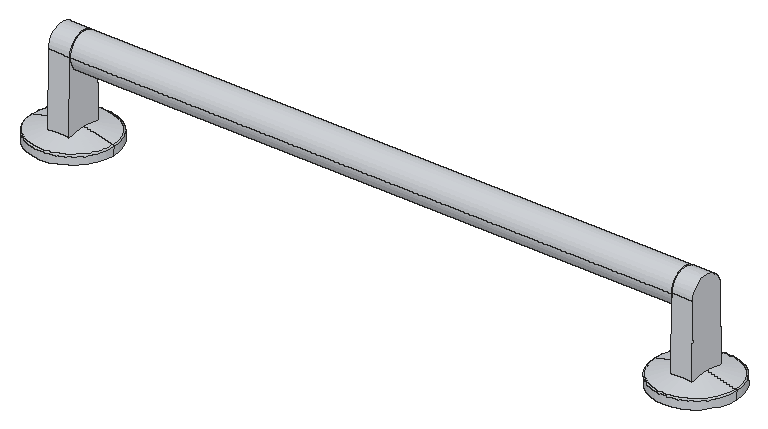
Revit family "Accessory-Towel_Bar-KOHLER-Components-K-78372", category Specialty Equipment, host Face, Revit 2015
Parameters (values of type "CP-Polished Chrome")
  Width = 2 3/8"  # constant formula
  URL = "https://www.us.kohler.com/us/"
  Type = 1
  Product Page URL = "http://www.us.kohler.com/us/catalog/productDetails.jsp?productNumber=78372"
  Product Name = "Components"  # constant formula
  Product Documentation Link = "http://www.us.kohler.com/onlinecatalog/pdf/K-78372_spec.pdf"
  Model = if(Type = 1, "K-78372-CP", if(Type = 2, "K-78372-BN", if(Type = 3, "K-78372-BL", if(Type = 4, "K-78372-TT", "NA"))))  # "K-78372-CP"
  Material = "Premium Metal Construction"  # constant formula
  MasterFormat 2004 = "10.28.13"  # constant formula
  MasterFormat 1995 = "10820"  # constant formula
  Manufacturer Address = "444 Highland Dr, Kohler, WI 53044"  # constant formula
  Manufacturer = "KOHLER Co."  # constant formula
  Length = 18"  # constant formula
  Height = 2 15/16"  # constant formula
  Finish = Kohler-Metal-CP-Polished_Chrome
  Environmental Product Declaration = ""
  Description = "18inch Towel Bar"  # constant formula
  Default Elevation = 42"
  Declare Label = ""
  Date Modified = "07/06/2018"  # constant formula
  Date Created = "07/06/2018"  # constant formula
  Copyright = "Copyright KOHLER Co."  # constant formula
  Contact Us = "https://www.us.kohler.com/us/static/contact.jsp"
  Assembly Code = "C1030200"
  ADA Compliant = 1 = 0  # no
Types (4): name | Type | Model | Finish
  (no name) | 1 | "K-78372-CP" | Kohler-Metal-CP-Polished_Chrome
  CP-Polished Chrome | 1 | "K-78372-CP" | Kohler-Metal-CP-Polished_Chrome
  BL-Matte Black | 3 | "K-78372-BL" | Kohler-Metal-BL-Matte_Black
  TT-Titanium | 4 | "K-78372-TT" | Kohler-Metal-TT-Vibrant_Titanium
Reference planes (in)
  plane 1 "Center (Front/Back)": y = 0
  plane 2: z = 0
  plane 3 "Center (Left/Right)": x = 0
  plane 4: x = -9
  plane 5: x = 9
  plane 6: y = 1.1875
  plane 7: y = -1.1875
  plane 8: z = 2.9375
Dimensions and locks (in)
  "Length": plane 4 to plane 5
  "Width": plane 6 to plane 7
  "Height": plane 8 to level
  aligned and locked: plane 2 to host face
  aligned and locked: level to host face
Automatic sketch dimensions
  host sketch curve to host sketch curve = 96"  (x2)
Nested families (in)
  nested 1: "K-78372" at (0, 0, 0), type "K-78372"
Definition of nested family "K-78372"
  Parameters (values of type "K-78372")
    Material = none
    Length = 18"
  Reference planes (in)
    plane 1 "Center (Front/Back)": y = 0
    plane 2: z = 0
    plane 3 "Center (Left/Right)": x = 0
    plane 4: x = -9
    plane 5: x = 9
    plane 6: y = 1.1875
    plane 7: z = 2.9375
    plane 8: y = -1.1875
  Forms (in)
    Revolve 1, solid, material <- "Material", detail levels medium+fine
      sketch origin (0, 0, 0) x (1, 0, 0) y (0, 0, 1)
        loop
          line (-10.1875, 0) -> (-9, 0) -> (-9, 0.54137) -> (-10.15723, 0.26168)
          arc (-10.15723, 0.26168) -> (-10.17902, 0.24769) -> (-10.1875, 0.22322) r 0.03957
          line (-10.1875, 0.22322) -> (-10.1875, 0)
        axis (-9, 0.54137) -> (-9, 0)
      angle from 0 to 360
    Revolve 2, solid, material <- "Material", detail levels medium+fine
      sketch origin (0, 0, 0) x (-1, 0, 0) y (0, 0, 1)
        loop
          line (-10.1875, 0) -> (-9, 0) -> (-9, 0.54137) -> (-10.15723, 0.26168)
          arc (-10.15723, 0.26168) -> (-10.17902, 0.24769) -> (-10.1875, 0.22322) r 0.03957
          line (-10.1875, 0.22322) -> (-10.1875, 0)
        axis (-9, 0.54137) -> (-9, 0)
      angle from 0 to 360
    Extrusion 3, solid, material <- "Material"
      sketch origin (0, 0, 0) x (0, 1, 0) y (0, 0, 1)
        loop
          arc (0.49314, 2.45313) -> (0, 2.93774) -> (-0.49314, 2.45313) r 0.49321
          line (-0.49314, 2.45313) -> (-0.53038, 0.31966) -> (0.53038, 0.31966) -> (0.49314, 2.45313)
      from 8.69094 to 9.30906
    Extrusion 4, solid, material <- "Material"
      sketch origin (0, 0, 0) x (0, 1, 0) y (0, 0, -1)
        loop
          line (0.49314, -2.45313) -> (0.53038, -0.31966) -> (-0.53038, -0.31966) -> (-0.49314, -2.45313)
          arc (-0.49314, -2.45313) -> (0, -2.93774) -> (0.49314, -2.45313) r 0.49321
      from 8.69094 to 9.30906
    Extrusion 5, solid, material <- "Material"
      sketch origin (0, 0, 0) x (0, 1, 0) y (0, 0, 1)
        loop
          circle (0, 2.44452) r 0.49321
      from -8.69094 to 8.69094
    Extrusion 6, solid, material <- "Material", detail levels coarse
      sketch origin (0, 0, 0) x (1, 0, 0) y (0, 1, 0)
        loop
          circle (-9, 0) r 1.1875
        loop
          circle (9, 0) r 1.1875
      from 0 to 0.44658
  Cuts and joins
    joined: Revolve 1, Revolve 2
    joined: Extrusion 3, Extrusion 4
  Lines and regions (in)
    Masking region 1
      outline origin (0, 0, 0) x (0, 1, 0) y (0, 0, 1)
        loop
          line (0.52873, 0.41382) -> (0.49313, 2.4538)
          arc (0.49313, 2.4538) -> (0, 2.93839) -> (-0.49313, 2.4538) r 0.4932
          line (-0.49313, 2.4538) -> (-0.52873, 0.41382) -> (-1.15899, 0.26168)
          arc (-1.15899, 0.26168) -> (-1.17952, 0.24851) -> (-1.1875, 0.22546) r 0.03726
          line (-1.1875, 0.22546) -> (-1.1875, 0) -> (1.1875, 0) -> (1.1875, 0.22546)
          arc (1.1875, 0.22546) -> (1.17952, 0.24851) -> (1.15899, 0.26168) r 0.03726
          line (1.15899, 0.26168) -> (0.52873, 0.41382)
    Masking region 2
      outline origin (0, 0, 0) x (1, 0, 0) y (0, 0, 1)
        loop
          line (-10.1875, 0) -> (-7.8125, 0) -> (-7.8125, 0.22322)
          arc (-7.8125, 0.22322) -> (-7.82098, 0.24769) -> (-7.84277, 0.26168) r 0.03957
          line (-7.84277, 0.26168) -> (-8.69094, 0.46667) -> (-8.69094, 1.95131) -> (8.69094, 1.95131) -> (8.69094, 0.46667) -> (7.84277, 0.26168)
          arc (7.84277, 0.26168) -> (7.82098, 0.24769) -> (7.8125, 0.22322) r 0.03957
          line (7.8125, 0.22322) -> (7.8125, 0) -> (10.1875, 0) -> (10.1875, 0.22322)
          arc (10.1875, 0.22322) -> (10.17902, 0.24769) -> (10.15723, 0.26168) r 0.03957
          line (10.15723, 0.26168) -> (9.30906, 0.46667) -> (9.30906, 2.9375) -> (-9.30906, 2.9375) -> (-9.30906, 0.46667) -> (-10.15723, 0.26168)
          arc (-10.15723, 0.26168) -> (-10.17902, 0.24769) -> (-10.1875, 0.22322) r 0.03957
          line (-10.1875, 0.22322) -> (-10.1875, 0)
    Masking region 3
      outline origin (0, 0, 0) x (1, 0, 0) y (0, 1, 0)
        loop
          line (-7.91977, -0.49321) -> (7.91977, -0.49321)
          arc (7.91977, -0.49321) -> (10.1875, 0.00004) -> (7.91974, 0.49314) r 1.1875
          line (7.91974, 0.49314) -> (-7.91974, 0.49314)
          arc (-7.91974, 0.49314) -> (-10.1875, 0.00004) -> (-7.91977, -0.49321) r 1.1875
    symbolic lines, detail levels medium+fine
      curve 1: arc (0, 0, 0.46667) -> (0, 0.26632, 0.44279) -> (0, 0.52909, 0.39328) r 2.76424
      curve 2: line (0, 0.52909, 0.39328) -> (0, 0.5284, 0.43278)
      curve 3: line (0, -0.52909, 0.39328) -> (0, -0.5284, 0.43278)
      curve 4: arc (0, -0.52909, 0.39328) -> (0, -0.26632, 0.44279) -> (0, 0, 0.46667) r 2.76424
      curve 5: line (-8.69094, 0, 1.95131) -> (-8.69094, 0, 2.45313)
      curve 6: line (8.69094, 0, 1.95131) -> (8.69094, 0, 2.44452)
      curve 7: line (-9.30906, 0, 0.46667) -> (-8.69094, 0, 0.46667)
      curve 8: line (8.69094, 0, 0.46667) -> (9.30906, 0, 0.46667)
      curve 9: line (-9.30906, 0.53038, 0) -> (-9.30906, -0.53038, 0)
      curve 10: line (-8.69094, -0.53038, 0) -> (-8.69094, 0.53038, 0)
      curve 11: line (9.30906, -0.53038, 0) -> (9.30906, 0.53038, 0)
      curve 12: line (8.69094, 0.53038, 0) -> (8.69094, -0.53038, 0)
      curve 13: line (9.30906, 0.53038, 0) -> (8.69094, 0.53038, 0)
      curve 14: line (8.69094, -0.53038, 0) -> (9.30906, -0.53038, 0)
      curve 15: line (-9.30906, 0.53038, 0) -> (-8.69094, 0.53038, 0)
      curve 16: line (-8.69094, -0.53038, 0) -> (-9.30906, -0.53038, 0)
      curve 17: line (-7.91974, 0.49314, 0) -> (-8.69094, 0.49314, 0)
      curve 18: line (-7.91977, -0.49321, 0) -> (-8.69094, -0.49321, 0)
      curve 19: line (7.91974, 0.49314, 0) -> (8.69094, 0.49314, 0)
      curve 20: line (7.91977, -0.49321, 0) -> (8.69094, -0.49321, 0)
      curve 21: line (-8.30906, 0, 2.9375) -> (-8.30906, 0, 1.95131)
      curve 22: line (8.30906, 0, 1.95131) -> (8.30906, 0, 2.9375)
  Dimensions and locks (in)
    equal spacing: plane 4, plane 3 "Center (Left/Right)", plane 5
    "Length": plane 4 to plane 5
    locked: Revolve 1 sketch curve to plane 4 at 1.1875
    locked: Revolve 2 sketch curve to plane 5 at 1.1875
    equal spacing: Extrusion 3, plane 5, Extrusion 3
    equal spacing: Extrusion 4, plane 4, Extrusion 4
    plane 7 to level = 2 15/16"
    equal spacing: Masking region 2 sketch curve, plane 4, Masking region 2 sketch curve
    locked: Masking region 2 sketch curve to Masking region 2 sketch curve at 2.375  (x2)
    equal spacing: Masking region 2 sketch curve, plane 5, Masking region 2 sketch curve
    locked: cut or joined group of Extrusion 3, Extrusion 4 to cut or joined group of Extrusion 3, Extrusion 4 at 0.61811  (x2)
    locked: cut or joined group of Extrusion 3, Extrusion 4 to curve 21 at 1
    locked: cut or joined group of Extrusion 3, Extrusion 4 to curve 22 at 1
    aligned and locked: plane 2 to level
    aligned and locked: Revolve 1 sketch curve to plane 4
    aligned and locked: plane 4 to Revolve 1 sketch curve
    aligned and locked: plane 5 to Revolve 2 sketch curve
    aligned and locked: Revolve 2 sketch curve to plane 5
    aligned and locked: Extrusion 5 to Extrusion 4
    aligned and locked: Extrusion 5 to Extrusion 3
    aligned and locked: cut or joined group of Extrusion 3, Extrusion 4 to Masking region 2 sketch curve  (x4)
    aligned and locked: Masking region 2 sketch curve to cut or joined group of Extrusion 3, Extrusion 4  (x2)
    aligned and locked: Masking region 2 to curve 5
    aligned and locked: curve 6 to Masking region 2
    aligned and locked: curve 7 to Masking region 2
    aligned and locked: curve 8 to Masking region 2
    aligned and locked: Masking region 3 sketch curve to cut or joined group of Revolve 1, Revolve 2  (x2)
    aligned and locked: curve 9 to cut or joined group of Extrusion 3, Extrusion 4
    aligned and locked: curve 10 to cut or joined group of Extrusion 3, Extrusion 4
    aligned and locked: curve 11 to cut or joined group of Extrusion 3, Extrusion 4
    aligned and locked: curve 12 to cut or joined group of Extrusion 3, Extrusion 4
    aligned and locked: curve 13 to cut or joined group of Extrusion 3, Extrusion 4
    aligned and locked: curve 14 to cut or joined group of Extrusion 3, Extrusion 4
    aligned and locked: curve 15 to cut or joined group of Extrusion 3, Extrusion 4
    aligned and locked: curve 16 to cut or joined group of Extrusion 3, Extrusion 4
    aligned and locked: curve 17 to Masking region 3
    aligned and locked: curve 18 to Masking region 3
    aligned and locked: curve 19 to Masking region 3
    aligned and locked: curve 20 to Masking region 3
    aligned and locked: Extrusion 6 sketch curve to Masking region 3  (x2)
  Automatic sketch dimensions
    Extrusion 3 sketch curve to plane 1 "Center (Front/Back)" = 0"
    plane 1 "Center (Front/Back)" to Extrusion 3 sketch curve = 0.49314"
    plane 1 "Center (Front/Back)" to Extrusion 3 sketch curve = 0.53038"
    Extrusion 3 sketch curve to plane 7 = 31/64"
    Extrusion 3 sketch curve to plane 1 "Center (Front/Back)" = 0.49314"
    Extrusion 3 sketch curve to plane 1 "Center (Front/Back)" = 0.53038"
    Extrusion 3 sketch curve to plane 7 = 0.49298"
    level to Extrusion 3 sketch curve = 0.31966"
    Extrusion 4 sketch curve to plane 1 "Center (Front/Back)" = 0"
    plane 1 "Center (Front/Back)" to Extrusion 4 sketch curve = 0.49314"
    plane 1 "Center (Front/Back)" to Extrusion 4 sketch curve = 0.53038"
    Extrusion 4 sketch curve to plane 7 = 31/64"
    Extrusion 4 sketch curve to plane 1 "Center (Front/Back)" = 0.49314"
    Extrusion 4 sketch curve to plane 1 "Center (Front/Back)" = 0.53038"
    Extrusion 4 sketch curve to plane 7 = 0.49298"
    level to Extrusion 4 sketch curve = 0.31966"
    Masking region 1 sketch curve to level = 0"
    Masking region 1 sketch curve to plane 8 = 0"
    Masking region 1 sketch curve to plane 1 "Center (Front/Back)" = 0"
    Masking region 1 sketch curve to plane 6 = 0"
    Masking region 1 sketch curve to plane 8 = 0.02851"
    Masking region 1 sketch curve to Masking region 1 sketch curve = 0.00874"
    plane 1 "Center (Front/Back)" to Masking region 1 sketch curve = 0.52873"
    plane 1 "Center (Front/Back)" to Masking region 1 sketch curve = 0.49313"
    Masking region 1 sketch curve to plane 7 = 0.4837"
    Masking region 1 sketch curve to plane 1 "Center (Front/Back)" = 0.49313"
    Masking region 1 sketch curve to plane 1 "Center (Front/Back)" = 0.52873"
    Masking region 1 sketch curve to Masking region 1 sketch curve = 0.03726"
    Masking region 1 sketch curve to plane 6 = 0.02851"
    level to Masking region 1 sketch curve = 0.22546"  (x2)
    level to Masking region 1 sketch curve = 0.41382"  (x2)
    Masking region 1 sketch curve to plane 7 = 0.49231"
    curve 1 to plane 1 "Center (Front/Back)" = 0"
    plane 1 "Center (Front/Back)" to curve 1 = 0.1135"
    curve 2 to plane 1 "Center (Front/Back)" = 0.52909"
    curve 1 to level = 2.29523"
    level to curve 2 = 0.39328"
    curve 3 to curve 3 = 0.00069"
    curve 2 to curve 2 = 0.00069"
    level to curve 3 = 0.39328"
    curve 2 to curve 2 = 0.0395"
    curve 3 to curve 3 = 0.0395"
    plane 1 "Center (Front/Back)" to curve 3 = 0.5284"
    curve 4 to plane 1 "Center (Front/Back)" = 0.1135"
    Revolve 1 sketch curve to level = 0"  (x2)
    level to Revolve 1 sketch curve = 0.26168"
    Revolve 1 sketch curve to Revolve 1 sketch curve = 0.03027"
    Revolve 1 sketch curve to Revolve 1 sketch curve = 0.0093"
    level to Revolve 1 sketch curve = 0.54137"
    Revolve 1 sketch curve to Revolve 1 sketch curve = 0.35774"
    Revolve 2 sketch curve to level = 0"  (x2)
    Revolve 2 sketch curve to level = 0.26168"
    Revolve 2 sketch curve to Revolve 2 sketch curve = 0.03027"
    Revolve 2 sketch curve to Revolve 2 sketch curve = 0.0093"
    Revolve 2 sketch curve to Revolve 2 sketch curve = 0.54137"
    level to Revolve 2 sketch curve = 0.35774"
    Masking region 2 sketch curve to plane 7 = 0"
    Masking region 2 sketch curve to level = 0"  (x2)
    level to Masking region 2 sketch curve = 0.26168"  (x4)
    Masking region 2 sketch curve to Masking region 2 sketch curve = 0.03027"  (x2)
    Masking region 2 sketch curve to Masking region 2 sketch curve = 0.0093"  (x3)
    Masking region 2 sketch curve to Masking region 2 sketch curve = 0.03957"  (x3)
    level to Masking region 2 sketch curve = 0.46667"  (x4)
    Masking region 2 sketch curve to plane 7 = 0.98619"
    plane 1 "Center (Front/Back)" to Masking region 3 sketch curve = 0.49321"
    Masking region 3 sketch curve to plane 1 "Center (Front/Back)" = 0.49314"
    curve 22 to plane 7 = 0"
    curve 21 to plane 7 = 0"
    curve 7 to plane 4 = 0.30906"
    plane 4 to curve 7 = 0.30906"
    curve 8 to plane 5 = 0.30906"
    plane 5 to curve 8 = 0.30906"
    curve 21 to plane 7 = 0.98619"
    curve 5 to curve 21 = 0"
    curve 6 to plane 7 = 0.98619"
    curve 22 to curve 6 = 0"
    curve 6 to plane 7 = 0.49298"
    curve 5 to plane 7 = 31/64"
    curve 10 to curve 18 = 0.03716"
    curve 12 to curve 20 = 0.03716"
    curve 19 to curve 12 = 0.03724"
    curve 17 to curve 10 = 0.03724"
